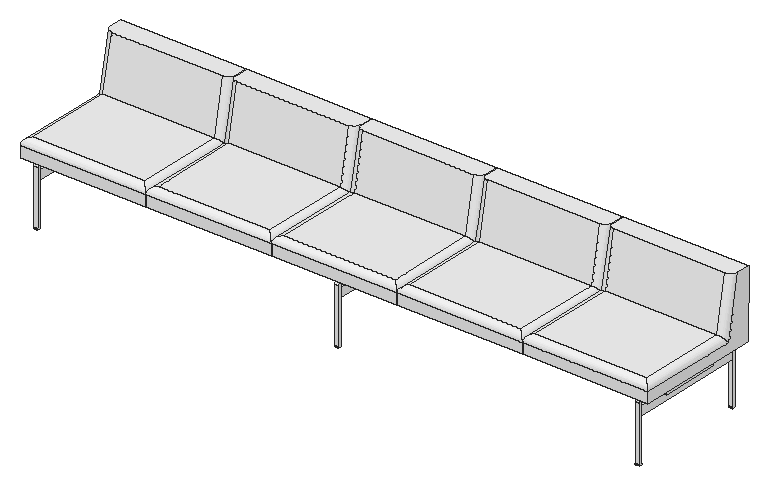
Revit family "FU_LAPSE 0050", category Furniture, Revit 2017
Family settings
  OmniClass Number = 23.40.20.00
  OmniClass Title = General Furniture and Specialties
  Work Plane-Based = No
  Always vertical = Yes
  Cut with Voids When Loaded = No
  Shared = No
  Room Calculation Point = No
Reference planes
  plane 1 "Center (Front/Back)": y = 0
  plane 2: z = 0
  plane 3 "Center (Left/Right)": x = 0
Dimensions and locks
  aligned and locked: level to plane 2
  aligned and locked: plane 3 "Center (Left/Right)" to nested 4
  aligned and locked: plane 1 "Center (Front/Back)" to nested 7
Nested families
  nested 1: "FU_LAPSE 0020 FRAME" at (0, 0, 0), type "FU_LAPSE 0020 FRAME"
    with Frame Width 3450 mm
  nested 2: "FU_LAPSE 0200TA-Upholstered Seat" at (-1440, 0, 350), type "FU_LAPSE 0200TA-Upholstered Seat"
  nested 3: "FU_LAPSE 0200TA-Upholstered Seat" at (-720, 0, 350), type "FU_LAPSE 0200TA-Upholstered Seat"
  nested 4: "FU_LAPSE 0200TA-Upholstered Seat" at (0, 0, 350), type "FU_LAPSE 0200TA-Upholstered Seat"
  nested 5: "FU_LAPSE 0200TA-Upholstered Seat" at (720, 0, 350), type "FU_LAPSE 0200TA-Upholstered Seat"
  nested 6: "FU_LAPSE 0200TA-Upholstered Seat" at (1440, 0, 350), type "FU_LAPSE 0200TA-Upholstered Seat"
  nested 7: "FU_LAPSE_FRAME 1" at (0, 0, 0), type "FU_LAPSE_FRAME 1"
Definition of nested family "FU_LAPSE 0020 FRAME"
  Parameters (values of type "FU_LAPSE 0020 FRAME")
    Material = none
    Frame Width = 1290 mm
  Reference planes
    plane 1 "Center (Front/Back)": y = 0
    plane 2: z = 0
    plane 3 "Center (Left/Right)": x = 0
    plane 4: x = -645
    plane 5: x = 645
    plane 6: z = 350
    plane 7: y = -340
    plane 8: y = -330
    plane 9: z = 2.5
    plane 10: y = 165
    plane 11: y = -165
    plane 12: x = -675
    plane 13: x = 675
    plane 14: y = 155
    plane 15: x = -665
    plane 16: y = -155
    plane 17: x = 665
  Forms (mm)
    Extrusion 1, solid, material <- "Material"
      sketch origin (0, 0, 0) x (1, 0, 0) y (0, 1, 0)
        loop
          line (675, 165) -> (-675, 165) -> (-675, -165) -> (675, -165) -> (675, 165)
        loop
          line (-665, 155) -> (-665, -155) -> (665, -155) -> (665, 155) -> (-665, 155)
      from 295 to 350
  Dimensions and locks
    plane 3 "Center (Left/Right)" to plane 4 = 645 mm
    equal spacing: plane 4, plane 3 "Center (Left/Right)", plane 5
    "Frame Width": plane 4 to plane 5
    plane 12 to plane 15 to plane 4 = 10 mm locked, 20 mm locked
    plane 5 to plane 17 to plane 13 = 20 mm locked, 10 mm locked
    aligned and locked: level to plane 2
    aligned and locked: plane 4 to nested 1
    aligned and locked: plane 1 "Center (Front/Back)" to nested 1
    aligned and locked: nested 2 to plane 5
    aligned and locked: plane 1 "Center (Front/Back)" to nested 2
  Automatic sketch dimensions
    plane 10 to Extrusion 1 sketch curve = 0 mm
    Extrusion 1 sketch curve to plane 12 = 0 mm
    Extrusion 1 sketch curve to plane 15 = 0 mm
    plane 14 to Extrusion 1 sketch curve = 0 mm
    Extrusion 1 sketch curve to plane 17 = 0 mm
    Extrusion 1 sketch curve to plane 13 = 0 mm
    plane 11 to Extrusion 1 sketch curve = 0 mm
    plane 16 to Extrusion 1 sketch curve = 0 mm
  Nested families
    nested 1: "FU_LAPSE_FRAME 1" at (-645, 0, 0), type "FU_LAPSE_FRAME 1"
    nested 2: "FU_LAPSE_FRAME 1" at (645, 0, 0), type "FU_LAPSE_FRAME 1"
  Definition of nested family "FU_LAPSE_FRAME 1"
    Parameters (values of type "FU_LAPSE_FRAME 1")
      Material = none
    Reference planes
      plane 1 "Center (Front/Back)": y = 0
      plane 2: z = 0
      plane 3 "Center (Left/Right)": x = 0
    Forms (mm)
      Extrusion 1, solid, material <- "Material"
        sketch origin (0, 0, 0) x (0, 1, 0) y (0, 0, 1)
          loop
            arc (-330, 320) -> (-335, 325) -> (-340, 320) r 5
            line (-340, 320) -> (-340, 5)
            arc (-340, 5) -> (-340.732, 3.232) -> (-342.5, 2.5) r 2.5
            line (-342.5, 2.5) -> (-342.5, 0) -> (-327.5, 0) -> (-327.5, 2.5)
            arc (-327.5, 2.5) -> (-329.268, 3.232) -> (-330, 5) r 2.5
            line (-330, 5) -> (-330, 320)
        from 12.5 to -12.5
      Extrusion 2, solid, material <- "Material"
        sketch origin (0, 0, 0) x (0, -1, 0) y (0, 0, -1)
          loop
            line (-330, -320) -> (-330, -5)
            arc (-330, -5) -> (-329.268, -3.232) -> (-327.5, -2.5) r 2.5
            line (-327.5, -2.5) -> (-327.5, 0) -> (-342.5, 0) -> (-342.5, -2.5)
            arc (-342.5, -2.5) -> (-340.732, -3.232) -> (-340, -5) r 2.5
            line (-340, -5) -> (-340, -320)
            arc (-340, -320) -> (-335, -325) -> (-330, -320) r 5
        from 12.5 to -12.5
      Extrusion 3, solid, material <- "Material"
        sketch origin (0, 0, 0) x (0, 1, 0) y (0, 0, 1)
          loop
            line (330, 295) -> (-330, 295) -> (-330, 245) -> (330, 245) -> (330, 295)
        from 5 to -5
    Dimensions and locks
      aligned and locked: level to plane 2
      aligned and locked: Extrusion 3 sketch curve to Extrusion 2
Definition of nested family "FU_LAPSE 0200TA-Upholstered Seat"
  Parameters (values of type "FU_LAPSE 0200TA-Upholstered Seat")
    Material = none
  Reference planes
    plane 1 "Center (Front/Back)": y = 0
    plane 2: z = 0
    plane 3 "Center (Left/Right)": x = 0
    plane 4: x = -360
    plane 5: x = 360
    plane 6: y = -360
    plane 7: y = 360
    plane 8: z = 390
    plane 9: y = 245
    plane 10: z = 100
    plane 11: y = 185
  Forms (mm)
    Extrusion 1, solid, material <- "Material"
      sketch origin (0, 0, 0) x (0, 1, 0) y (0, 0, 1)
        loop
          line (360, 390) -> (245, 390) -> (185, 100) -> (-360, 100) -> (-360, 0) -> (360, 0) -> (360, 390)
      from -360 to 360
    Sweep 2, void
      path origin (-360, 0, 0) x (0, 1, 0) y (0, 0, 1)
        loop
          line (253.886, 432.949) -> (185, 100) -> (-360, 100)
      profile origin (-360, 219.443, 266.474) x (0, 0.97926, -0.202606) y (1, 0, 0)
        loop
          line (0, 0) -> (40, 0)
          arc (40, 0) -> (11.716, 11.716) -> (0, 40) r 40
          line (0, 40) -> (0, 0)
    Sweep 3, void
      path origin (360, 0, 0) x (0, 1, 0) y (0, 0, -1)
        loop
          line (253.886, -432.949) -> (185, -100) -> (-360, -100)
      profile origin (360, 219.443, 266.474) x (0, -0.97926, 0.202606) y (-1, 0, 0)
        loop
          line (0, 0) -> (0, 40)
          arc (0, 40) -> (-11.716, 11.716) -> (-40, 0) r 40
          line (-40, 0) -> (0, 0)
    Sweep 4, void
      path origin (0, -360, 0) x (0, 0, 1) y (-1, 0, 0)
        loop
          line (100, -385) -> (100, 460)
      profile origin (-37.5, -360, 100) x (0, 0, -1) y (0, -1, 0)
        loop
          line (0, 0) -> (0, -40)
          arc (0, -40) -> (11.716, -11.716) -> (40, 0) r 40
          line (40, 0) -> (0, 0)
  Cuts and joins
    Sweep 2, Sweep 3, Sweep 4 cuts Extrusion 1
  Dimensions and locks
    equal spacing: plane 4, plane 3 "Center (Left/Right)", plane 5
    equal spacing: plane 7, plane 1 "Center (Front/Back)", plane 6
    plane 7 to plane 6 = 720 mm
    plane 4 to plane 5 = 720 mm
    plane 8 to level = 390 mm
    aligned and locked: level to plane 2
    aligned and locked: plane 10 to Extrusion 1 sketch curve
  Automatic sketch dimensions
    Extrusion 1 sketch curve to plane 6 = 0 mm
    Extrusion 1 sketch curve to plane 11 = 0 mm
    Extrusion 1 sketch curve to plane 8 = 0 mm
    Extrusion 1 sketch curve to plane 9 = 0 mm
    Extrusion 1 sketch curve to plane 7 = 0 mm
    Extrusion 1 sketch curve to level = 0 mm
    Sweep 2 sketch curve to Extrusion 1 = 0 mm  (x2)
    Extrusion 1 to Sweep 2 sketch curve = 0 mm  (x2)
    Sweep 2 sketch curve to Extrusion 1 = 42.949 mm
    Sweep 2 sketch curve to profile plane = 0 mm  (x2)
    Sweep 2 sketch curve to profile plane = 40 mm
    Sweep 3 sketch curve to plane 6 = 0 mm
    Sweep 3 sketch curve to plane 10 = 0 mm
    Sweep 3 sketch curve to plane 11 = 0 mm
    plane 9 to Sweep 3 sketch curve = 8.886 mm
    plane 8 to Sweep 3 sketch curve = 42.949 mm
    Sweep 3 sketch curve to profile plane = 0 mm
    profile plane to Sweep 3 sketch curve = 0 mm
    profile plane to Sweep 3 sketch curve = 40 mm
    Sweep 4 sketch curve to profile plane = 0 mm  (x2)
    Sweep 4 sketch curve to profile plane = 40 mm
    Sweep 4 sketch curve to Extrusion 1 = 0 mm
    Sweep 4 sketch curve to Extrusion 1 = 25 mm
    Sweep 4 sketch curve to Extrusion 1 = 100 mm
Definition of nested family "FU_LAPSE_FRAME 1"
  Parameters (values of type "FU_LAPSE_FRAME 1")
    Material = none
  Reference planes
    plane 1 "Center (Front/Back)": y = 0
    plane 2: z = 0
    plane 3 "Center (Left/Right)": x = 0
  Forms (mm)
    Extrusion 1, solid, material <- "Material"
      sketch origin (0, 0, 0) x (0, 1, 0) y (0, 0, 1)
        loop
          arc (-330, 320) -> (-335, 325) -> (-340, 320) r 5
          line (-340, 320) -> (-340, 5)
          arc (-340, 5) -> (-340.732, 3.232) -> (-342.5, 2.5) r 2.5
          line (-342.5, 2.5) -> (-342.5, 0) -> (-327.5, 0) -> (-327.5, 2.5)
          arc (-327.5, 2.5) -> (-329.268, 3.232) -> (-330, 5) r 2.5
          line (-330, 5) -> (-330, 320)
      from 12.5 to -12.5
    Extrusion 2, solid, material <- "Material"
      sketch origin (0, 0, 0) x (0, -1, 0) y (0, 0, -1)
        loop
          line (-330, -320) -> (-330, -5)
          arc (-330, -5) -> (-329.268, -3.232) -> (-327.5, -2.5) r 2.5
          line (-327.5, -2.5) -> (-327.5, 0) -> (-342.5, 0) -> (-342.5, -2.5)
          arc (-342.5, -2.5) -> (-340.732, -3.232) -> (-340, -5) r 2.5
          line (-340, -5) -> (-340, -320)
          arc (-340, -320) -> (-335, -325) -> (-330, -320) r 5
      from 12.5 to -12.5
    Extrusion 3, solid, material <- "Material"
      sketch origin (0, 0, 0) x (0, 1, 0) y (0, 0, 1)
        loop
          line (330, 295) -> (-330, 295) -> (-330, 245) -> (330, 245) -> (330, 295)
      from 5 to -5
  Dimensions and locks
    aligned and locked: level to plane 2
    aligned and locked: Extrusion 3 sketch curve to Extrusion 2
